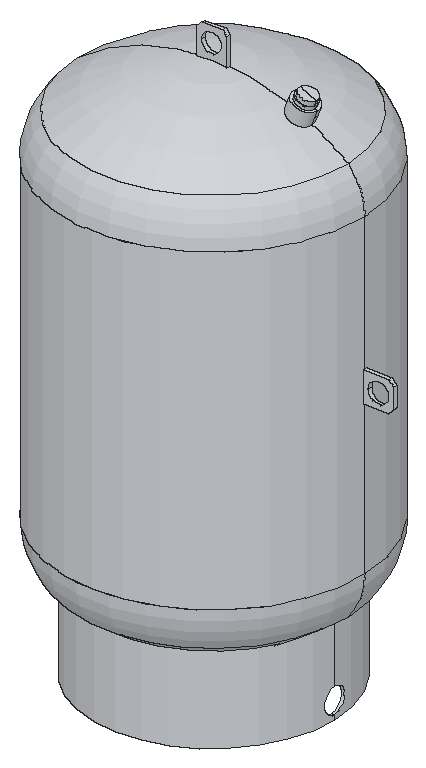
Revit family
Parameters (values of type "AX-240V 125# W.P.")
  Weight = "436"
  Tank Volume = "132 Gallons"
  Tank Only = 49.625"
  Tank Height = 54.375"
  Tank Diameter = "30"
  Pipe Connector Diameter = Pipe Connection Radius * 2  # 1.000"
  Pipe Connection Radius = 0.500"
  Model = "AX-240V"
  Maximum Acceptance Volume = "45 Gallons"
  Max Operating Temp = "240 Def F"
  Max Operating Pressure = "125 PSI"
  Manufacturer = "Amtrol"
  Lifting Ring Location = Tank Only / 2  # 24.8125"
  Floor to Elbow Centerline = 1.750"
  Floor to Bottom of Tank = 4.688"
  Bladder/Diaphragm = "Diaphragm"
  ASME = no
Types (3): name | Max Operating Pressure
  (no name) | "125 PSI"
  AX-240V 125# W.P. | "125 PSI"
  AX-240V 150# W.P. 10 BAR | "150 PSI"
Reference planes (in)
  plane 1 "Center (Front/Back)": y = 0
  plane 2: z = 0
  plane 3 "Center (Left/Right)": x = 0
Forms (in)
  Revolve 1, solid
    sketch origin (0, 0, 0) x (1, 0, 0) y (0, 0, 1)
      loop
        line (0, 54.375) -> (0, 4.75)
        arc (0, 4.75) -> (7.11421, 6.01683) -> (13.36034, 9.65039) r 20.71345
        arc (13.36034, 9.65039) -> (14.54245, 11.65961) -> (14.95353, 13.95425) r 6.60982
        line (14.95353, 13.95425) -> (14.95353, 45.65778)
        arc (14.95353, 45.65778) -> (14.54231, 47.866) -> (13.36377, 49.77817) r 6.13455
        arc (13.36377, 49.77817) -> (7.04725, 53.13877) -> (0, 54.375) r 22.787
      axis (0, 54.375) -> (0, 4.75)
    angle from 0 to 360
  Revolve 2, solid
    sketch origin (0, 0, 0) x (1, 0, 0) y (0, 0, 1)
      loop
        line (0.79596, 4.79161) -> (0, 4.79161) -> (0, 3.52287) -> (0.79596, 3.52287) -> (0.79596, 4.79161)
      axis (0, 3.52287) -> (0, 4.79161)
    angle from 0 to 360
  Sweep 3, solid
    path origin (0, 0, 0) x (1, 0, 0) y (0, 0, 1)
      loop
        line (0, 3.51652) -> (0, 3.1545)
        arc (0, 3.1545) -> (0.41137, 2.16137) -> (1.4045, 1.75) r 1.4045
        line (1.4045, 1.75) -> (1.9045, 1.75)
    profile origin (0, 0, 3.33551) x (0, -1, 0) y (1, 0, 0)
      loop
        circle (0, 0) r 0.8375
  Revolve 4, solid
    sketch origin (0, 0, 0) x (1, 0, 0) y (0, 0, 1)
      loop
        line (11.99523, 0) -> (11.99523, 8.75) -> (11.74523, 8.75) -> (11.74523, 0) -> (11.99523, 0)
      axis (0, 0) -> (0, 8.75)
    angle from 0 to 360
  Sweep 5, void
    path origin (0, 0, 0) x (1, 0, 0) y (0, 0, 1)
      loop
        line (12.875, 1.75) -> (7.875, 1.75)
    profile origin (10.375, 0, 1.75) x (0, 0, -1) y (0, -1, 0)
      loop
        circle (0, 0) r 1.25
  Revolve 6, solid
    sketch origin (0.4421, 0, -0.16579) x (-1, 0, 0) y (0, 0, 1)
      loop
        line (-8.97132, 54.74029) -> (-8.06922, 52.50752) -> (-6.88626, 52.98546) -> (-7.49136, 54.48314) -> (-7.757, 54.37581) -> (-7.88348, 54.68887) -> (-7.99307, 54.64459) -> (-8.16359, 55.06663) -> (-8.97132, 54.74029)
      axis (-8.06922, 52.50752) -> (-8.97132, 54.74029)
    angle from 0 to 360
  Extrusion 7, solid
    sketch origin (0, 0, 0) x (1, 0, 0) y (0, 0, 1)
      loop
        line (-1.5, 54.0861) -> (1.5, 54.0861) -> (1.5, 56.92041) -> (1.05397, 57.36643) -> (-0.94603, 57.36643) -> (-1.5, 56.81246) -> (-1.5, 54.0861)
      loop
        circle (0, 55.87293) r 0.97948
    from 0.18967 to -0.19092
  Extrusion 8, solid
    sketch origin (0, 0, 0) x (1, 0, 0) y (0, 0, 1)
      loop
        line (17.49569, 32.17893) -> (14.49569, 32.17893) -> (14.49569, 29.17893) -> (17.49569, 29.17893) -> (17.99569, 29.67893) -> (17.99569, 31.67893) -> (17.49569, 32.17893)
      loop
        circle (16.51432, 30.64331) r 1.0392
    from -0.19092 to 0.18967
Cuts and joins
  Sweep 5 cuts Revolve 4
Lines and regions (in)
  reference lines
    curve 1: line (0, 0, 5.17942) -> (1.5, 0, 5.17942)
Dimensions and locks (in)
  "Tank Only": Revolve 1 sketch curve to Revolve 1 sketch curve
  "Floor to Elbow Centerline": Revolve 4 to Sweep 5 sketch curve
  Revolve 1 sketch curve to Revolve 1 sketch curve = 16.79931"
  "Tank Height": Revolve 1 sketch curve to level
  "Floor to Elbow Centerline": Sweep 3 sketch curve to cut or joined group of Revolve 4, Sweep 5
  Revolve 6 sketch curve to Revolve 6 sketch curve = 2.40813"
  Revolve 6 sketch curve to Revolve 6 sketch curve = 1.61529"
  Revolve 6 sketch curve to Revolve 6 sketch curve = 1.97384"
  Revolve 6 sketch curve to Revolve 6 sketch curve = 2.4419"
  Revolve 6 sketch curve to Revolve 1 = 3.04151"
  Revolve 6 sketch curve to Revolve 1 = 2.56356"
  "Lifting Ring Location": Extrusion 8 sketch curve to Revolve 2
  aligned and locked: Extrusion 7 to Extrusion 8
  aligned and locked: Extrusion 8 to Extrusion 7
Automatic sketch dimensions
  Revolve 1 sketch curve to level = 0.000"
  Revolve 1 sketch curve to plane 3 "Center (Left/Right)" = 0.000"  (x2)
  Revolve 1 sketch curve to plane 3 "Center (Left/Right)" = 0.01855"
  Revolve 1 sketch curve to plane 3 "Center (Left/Right)" = 0.36472"
  plane 3 "Center (Left/Right)" to Revolve 1 sketch curve = 8.34371"
  plane 3 "Center (Left/Right)" to Revolve 1 sketch curve = 8.81898"
  Revolve 1 sketch curve to Revolve 1 sketch curve = 5.01663"
  Revolve 1 sketch curve to Revolve 1 sketch curve = 4.54479"
  Revolve 1 sketch curve to Revolve 1 sketch curve = 1.58976"
  level to Revolve 1 sketch curve = 9.65039"
  Revolve 1 sketch curve to Revolve 1 sketch curve = 9.67414"
  Revolve 2 sketch curve to plane 3 "Center (Left/Right)" = 0.000"  (x2)
  plane 3 "Center (Left/Right)" to Revolve 2 sketch curve = 0.79596"
  level to Revolve 2 sketch curve = 3.52287"
  Revolve 2 sketch curve to Revolve 2 sketch curve = 0.000"
  Revolve 2 sketch curve to Revolve 2 sketch curve = 1.8676"
  Revolve 2 sketch curve to Revolve 2 sketch curve = 0.59886"
  Sweep 3 sketch curve to plane 3 "Center (Left/Right)" = 0.000"
  plane 3 "Center (Left/Right)" to Sweep 3 sketch curve = 1.4045"
  Sweep 3 sketch curve to Sweep 3 sketch curve = 0.500"
  Sweep 3 sketch curve to Sweep 3 sketch curve = 0.36201"
  plane 1 "Center (Front/Back)" to Sweep 3 sketch curve = 0.000"
  Sweep 3 sketch curve to profile plane = 0.000"
  Revolve 4 sketch curve to plane 3 "Center (Left/Right)" = 0.000"
  Revolve 4 sketch curve to level = 0.000"
  plane 3 "Center (Left/Right)" to Revolve 4 sketch curve = 11.74523"
  Revolve 4 sketch curve to Revolve 4 sketch curve = 0.250"
  Revolve 4 sketch curve to level = 0.73742"
  level to Revolve 4 sketch curve = 8.750"
  level to Revolve 4 sketch curve = 9.0291"
  plane 3 "Center (Left/Right)" to Sweep 5 sketch curve = 7.875"
  Sweep 5 sketch curve to Sweep 5 sketch curve = 5.000"
  Sweep 5 sketch curve to plane 1 "Center (Front/Back)" = 0.000"
  Sweep 5 sketch curve to profile plane = 0.000"
  curve 1 to plane 3 "Center (Left/Right)" = 0.000"
  plane 3 "Center (Left/Right)" to curve 1 = 1.500"
  level to curve 1 = 5.17942"
  Revolve 6 sketch curve to plane 3 "Center (Left/Right)" = 9.54149"
  Revolve 6 sketch curve to Revolve 6 sketch curve = 0.12807"
  Revolve 6 sketch curve to Revolve 6 sketch curve = 0.80773"
  Revolve 6 sketch curve to Revolve 6 sketch curve = 0.000"  (x2)
  Revolve 6 sketch curve to Revolve 6 sketch curve = 0.17052"
  Revolve 6 sketch curve to Revolve 6 sketch curve = 0.31698"
  Extrusion 7 sketch curve to plane 3 "Center (Left/Right)" = 0.000"
  Extrusion 7 sketch curve to plane 3 "Center (Left/Right)" = 0.94603"
  plane 3 "Center (Left/Right)" to Extrusion 7 sketch curve = 1.05397"
  plane 3 "Center (Left/Right)" to Extrusion 7 sketch curve = 1.500"
  level to Extrusion 7 sketch curve = 54.0861"
  Extrusion 7 sketch curve to Extrusion 7 sketch curve = 1.78683"
  Extrusion 7 sketch curve to Extrusion 7 sketch curve = 0.93953"
  Extrusion 7 sketch curve to Extrusion 7 sketch curve = 1.04747"
  Extrusion 7 sketch curve to Extrusion 7 sketch curve = 0.55397"
  Extrusion 7 sketch curve to plane 3 "Center (Left/Right)" = 1.500"
  plane 3 "Center (Left/Right)" to Extrusion 8 sketch curve = 14.49569"
  Extrusion 8 sketch curve to Extrusion 8 sketch curve = 2.01863"
  Extrusion 8 sketch curve to Extrusion 8 sketch curve = 0.98137"  (x2)
  Extrusion 8 sketch curve to Extrusion 8 sketch curve = 0.500"  (x2)
  Extrusion 8 sketch curve to Extrusion 8 sketch curve = 1.46437"
  Extrusion 8 sketch curve to Extrusion 8 sketch curve = 1.03563"
  Extrusion 8 sketch curve to Extrusion 8 sketch curve = 1.53563"
  radius of Sweep 3 sketch curve = 0.8375"
  radius of Sweep 5 sketch curve = 1.250"
  radius of Extrusion 7 sketch curve = 0.97948"
  radius of Extrusion 8 sketch curve = 1.0392"
Connectors (in)
  piping at (1.9045, 0, 1.75), driven by "Pipe Connection Radius"
    settings: on Sweep 3, index 1
